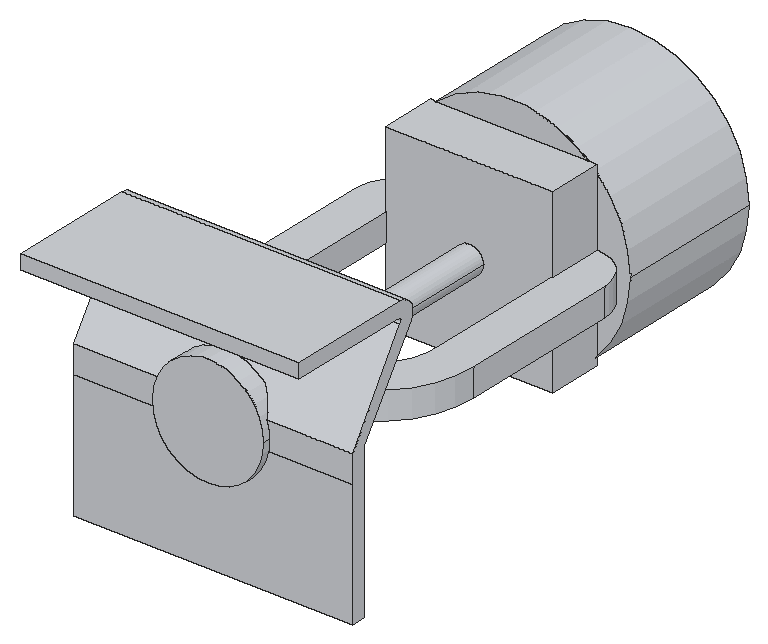
Revit family
Parameters (values of type "RASCO F1FR QREC EC9")
  Temperature Rating = 135 °F
  Response = 1
  RASCO SIN # = "R4862"
  RASCO Part # = "F1FREC90W"
  Pressure Rating = "300 PSI"
  Pressure Class = 1
  Orifice Size = 17/32"
  Orifice = (empty or 0)
  Model = "F1FR"
  Manufacturer = "RASCO"
  K-Factor = 8
  Description = "White Finish"
  Coverage = 1
Reference planes (in)
  plane 1 "Center (Front/Back)": y = 0
  plane 2: z = 0
  plane 3 "Center (Left/Right)": x = 0
Dimensions and locks (in)
  aligned and locked: plane 2 to level
Nested families (in)
  nested 1: "RASCO- F1FREC90W" at (-4.13928, -0.61466, 0), type "RASCO F1FR OREC EC9"
Connectors (in)
  piping at (-4.15164, 0.73459, 1.25584)
    settings: on nested 1, index 1, connector radius 17/32", flow factor 0, pipe flow 0 GPM, pressure drop 0.00 psi, fitting loss kfactor 0, connector angle 0.00°, fixture units 0, flow configuration 0, flow direction 0, fitting loss method 0, system type 7, connector reference index -1, connector utility 0, adjustable connector no, is connector primary yes, fitting loss table "", connector description ""
Definition of nested family "RASCO- F1FREC90W"
  Parameters (values of type "RASCO F1FR OREC EC9")
    Type Comments = ""
    Temperature Rating = 0 °F
    Response = (empty or 0)
    Pressure Rating = "0"
    Pressure Class = (empty or 0)
    Orifice Size = 0"
    Orifice = (empty or 0)
    Model = ""
    Manufacturer = ""
    K-Factor = 0
    Description = ""
    Coverage = (empty or 0)
    Assembly Code = ""
  Reference planes (in)
    plane 1 "Center (Front/Back)": y = 0
    plane 2: z = 0
    plane 3 "ref.2": z = 0.6875
    plane 4 "ref.3": z = 0.9375
    plane 5: x = -0.38065
    plane 6: x = 0.36935
    plane 7 "ref. side 1": y = 0.06402
    plane 8 "ref. side 2": y = -0.06098
    plane 9 "ref.4": z = 1.875
    plane 10 "ref.5": z = 2.3125
    plane 11 "ref.6": z = 2.4375
    plane 12 "center": x = -0.00574
  Forms (in)
    Extrusion 1, solid
      sketch origin (-0.01236, 1.37309, 1.25584) x (-1, 0, 0) y (0, 0, -1)
        loop
          circle (0, 0) r 0.53125
      from 0.02383 to 0.6875
    Extrusion 2, solid
      sketch origin (0.10949, 0.68559, 1.20407) x (-1, 0, 0) y (0, 0, -1)
        loop
          line (-0.2588, 0.356) -> (-0.2588, -0.4565) -> (0.4912, -0.4565) -> (0.4912, 0.356) -> (-0.2588, 0.356)
      from 0 to 0.25
    Extrusion 3, solid
      sketch origin (-0.01236, 1.3722, 1.25584) x (-1, 0, 0) y (0, -1, 0)
        loop
          line (-0.38065, 0.68754) -> (-0.38065, 1.58397)
          arc (-0.38065, 1.58397) -> (-0.29541, 1.78976) -> (-0.08962, 1.875) r 0.29103
          line (-0.08962, 1.875) -> (0.07524, 1.875)
          arc (0.07524, 1.875) -> (0.28321, 1.78886) -> (0.36935, 1.58089) r 0.29411
          line (0.36935, 1.58089) -> (0.36935, 0.68751)
          arc (0.36935, 0.68751) -> (0.50207, 0.74393) -> (0.55685, 0.87734) r 0.18984
          line (0.55685, 0.87734) -> (0.55685, 1.61676)
          arc (0.55685, 1.61676) -> (0.42629, 1.93194) -> (0.11111, 2.0625) r 0.44574
          line (0.11111, 2.0625) -> (-0.12259, 2.0625)
          arc (-0.12259, 2.0625) -> (-0.43765, 1.932) -> (-0.56815, 1.61694) r 0.44556
          line (-0.56815, 1.61694) -> (-0.56815, 0.87876)
          arc (-0.56815, 0.87876) -> (-0.51345, 0.74486) -> (-0.38065, 0.68754) r 0.19126
      from -0.06402 to 0.06098
    Extrusion 4, solid
      sketch origin (-0.01236, 0.43559, 1.25584) x (1, 0, 0) y (0, 0, 1)
        loop
          circle (0.00574, -0.00152) r 0.0625
      from 0 to 0.9375
    Extrusion 5, solid
      sketch origin (-0.01236, -0.50191, 1.25584) x (1, 0, 0) y (0, 0, 1)
        loop
          circle (0.00574, -0.00152) r 0.1875
      from 0 to 0.4375
    Extrusion 6, solid
      sketch origin (-0.01236, -0.89954, 1.2504) x (-1, 0, 0) y (0, 0, 1)
        loop
          circle (-0.00574, -0.00245) r 0.25
      from -0.13498 to -0.03987
    Extrusion 7, solid
      sketch origin (-0.00662, 1.2679, 1.26334) x (0, -1, 0) y (0, 0, 1)
        loop
          line (2.27263, -0.06402) -> (2.27263, 0.06098) -> (2.00466, 0.4658)
          arc (2.00466, 0.4658) -> (2.00382, 0.48409) -> (2.01953, 0.49348) r 0.01783
          line (2.01953, 0.49348) -> (2.57559, 0.49348) -> (2.57559, 0.55848) -> (2.00257, 0.55848)
          arc (2.00257, 0.55848) -> (1.94355, 0.52319) -> (1.9467, 0.4545) r 0.067
          line (1.9467, 0.4545) -> (2.20719, 0.06098) -> (2.20719, -0.62964) -> (2.27263, -0.62964) -> (2.27263, -0.06402)
      from -0.62515 to 0.62904
  Cuts and joins
    joined: Extrusion 1, Extrusion 2, Extrusion 4
